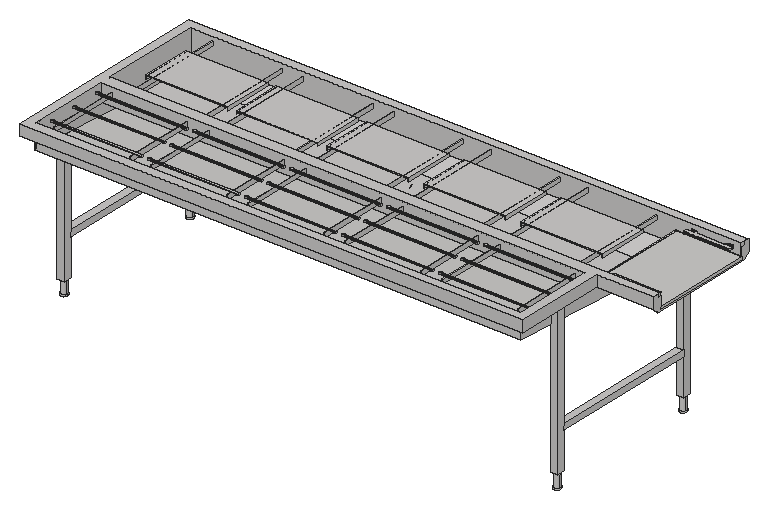
Revit family "QF_ELECTROLUXPROFESSIONAL_865463_HSDDS5LR", category Specialty Equipment, Revit 2018
Family settings
  Round Connector Dimension = Use Diameter
  Part Type = Normal
  Work Plane-Based = No
  Always vertical = Yes
  Cut with Voids When Loaded = No
  Shared = No
  Room Calculation Point = No
Parameters
  Weight = 0.00 kg
  Watts = 0 W
  Volts = 0 V
  URL Manufacturer = ""
  Steam Supply Size = 0 mm
  Steam Supply Minimum Pressure = 0.0 Pa
  Steam Supply Maximum Pressure = 0.0 Pa
  Steam Pounds per Hour = 0
  Refrigeration Suction Line Size = 0 mm
  Refrigeration Liquid Line Size = 0 mm
  Refrigerant Compressor Remote = yes
  Phase = 0
  Length Actual = 0 mm
  Item Number = ""
  Hot Water Size = 0 mm
  Height Actual = 0 mm
  HP = ""
  Gas Size = 0 mm
  Gas KW = 0
  Gas Input Pressure = 0 W
  Depth Actual = 0 mm
  Cycle = 0 Hz
  Condensate Return Size = 0 mm
  Compressed Air Volume = 0.0 L/s
  Compressed Air Size = 0 mm
  Compressed Air Pressure = 0.0 Pa
  Cold Water Size = 0 mm
  Accessory = yes
Reference planes
  plane 1: z = 0
  plane 2 "R": x = 1320
  plane 3: z = 910
  plane 4: z = 0
  plane 5: z = 300
  plane 6 "BACK": y = 310
  plane 7 "FRONT": y = -800
  plane 8 "LEFT": x = -1320
  plane 9: x = 0
  plane 10: y = -310
  plane 11 "RIGHT": x = 1620
Forms (mm)
  Extrusion 1, solid, material "QF_Finishes_Stainless Steel"
    sketch origin (0, 0, 0) x (-1, 0, 0) y (0, -1, 0)
      loop
        line (1320, 800) -> (-1320, 800) -> (-1320, 310) -> (-1617.022, 310) -> (-1617.022, 265) -> (-1275, 265) -> (-1275, 755) -> (1275, 755) -> (1275, -265) -> (-1617.022, -265) -> (-1617.022, -310) -> (1320, -310) -> (1320, 800)
    from 850.091 to 910
  Extrusion 2, solid, material "QF_Finishes_Stainless Steel"
    sketch origin (0, 0, 0) x (0, 1, 0) y (0, 0, -1)
      loop
        line (-756.248, -850.091) -> (-755, -850.091) -> (-755, -784.848) -> (-131.111, -741.138) -> (130.374, -741.138) -> (265, -784.879) -> (265, -850.091) -> (266.249, -850.091) -> (266.249, -782.13) -> (130.849, -738.138) -> (-131.216, -738.138) -> (-756.248, -781.928) -> (-756.248, -850.091)
    from -1275 to 1275
  Revolve 3, solid, material "QF_Finishes_Stainless Steel"
    sketch origin (0, 0.526, -123.199) x (-1, 0, 0) y (0, 0, -1)
      loop
        line (76.494, -861.337) -> (76.494, -847.59)
        arc (76.494, -847.59) -> (75.89, -845.987) -> (74.39, -845.16) r 2.474
        arc (74.39, -845.16) -> (71.083, -841.301) -> (74.377, -837.43) r 3.913
        arc (74.377, -837.43) -> (75.887, -836.598) -> (76.494, -834.985) r 2.49
        line (76.494, -834.985) -> (76.494, -794.661)
        arc (76.494, -794.661) -> (65.844, -763.962) -> (38.457, -746.476) r 49.516
        line (38.457, -746.476) -> (38.457, -743.987) -> (37.25, -742.336) -> (37.25, -740.749) -> (23.47, -734.749) -> (23.47, -698.838) -> (21.946, -697.377) -> (0, -697.377) -> (0, -861.337) -> (76.494, -861.337)
      axis (0, -861.337) -> (0, -697.377)
    angle from 0 to 360
  Extrusion 4, solid, material "QF_Finishes_Stainless Steel"
    sketch origin (0, 0, 0) x (-1, 0, 0) y (0, -1, 0)
      loop
        line (-1275, 330.124) -> (-1275, 265) -> (1275, 265) -> (1275, 330.124) -> (-1275, 330.124)
    from 820 to 910
  Extrusion 5, solid, material "QF_Finishes_Stainless Steel"
    sketch origin (6.015, 0, -602.691) x (-1, 0, 0) y (0, -1, 0)
      loop
        line (1283.015, -266.249) -> (1323.015, -266.249) -> (1323.015, 521.738) -> (1283.015, 521.738) -> (1283.015, -266.249)
    from 872.691 to 902.691
  Extrusion 6, solid, material "QF_Finishes_Stainless Steel"
    sketch origin (-1277, 0, 0) x (0, 1, 0) y (0, 0, -1)
      loop
        line (-756.248, -781.928) -> (-756.248, -850.091) -> (266.249, -850.091) -> (266.249, -782.13) -> (130.849, -738.138) -> (-131.216, -738.138) -> (-756.248, -781.928)
    from 0 to -2
  Extrusion 7, solid, material "QF_Finishes_Stainless Steel"
    sketch origin (-6, 0.054, -598.981) x (1, 0, 0) y (0, 1, 0)
      loop
        line (1283, 266.195) -> (1283, -521.792) -> (1323, -521.792) -> (1323, 266.195) -> (1283, 266.195)
    from 869.081 to 898.981
  Extrusion 8, solid, material "QF_Finishes_Stainless Steel"
    sketch origin (0, -7.263, 2.863) x (-1, 0, 0) y (0, -1, 0)
      loop
        line (-200.029, 694.438) -> (-200.029, 322.861) -> (-196.981, 322.861) -> (-196.981, 694.438) -> (-200.029, 694.438)
      loop
        line (196.981, 694.438) -> (196.981, 322.861) -> (200.029, 322.861) -> (200.029, 694.438) -> (196.981, 694.438)
      loop
        line (1220.049, 694.438) -> (1217.001, 694.438) -> (1217.001, 322.861) -> (1220.049, 322.861) -> (1220.049, 694.438)
      loop
        line (823.039, 694.438) -> (819.991, 694.438) -> (819.991, 322.861) -> (823.039, 322.861) -> (823.039, 694.438)
      loop
        line (710.007, 694.438) -> (707.023, 694.438) -> (707.023, 322.861) -> (710.007, 322.861) -> (710.007, 694.438)
      loop
        line (312.997, 694.438) -> (310.013, 694.438) -> (310.013, 322.861) -> (312.997, 322.861) -> (312.997, 694.438)
      loop
        line (-710.071, 694.438) -> (-710.071, 322.861) -> (-707.023, 322.861) -> (-707.023, 694.438) -> (-710.071, 694.438)
      loop
        line (-313.061, 694.438) -> (-313.061, 322.861) -> (-310.013, 322.861) -> (-310.013, 694.438) -> (-313.061, 694.438)
      loop
        line (-1220.112, 694.438) -> (-1220.112, 322.861) -> (-1217.064, 322.861) -> (-1217.064, 694.438) -> (-1220.112, 694.438)
      loop
        line (-823.103, 694.438) -> (-823.103, 322.861) -> (-820.055, 322.861) -> (-820.055, 694.438) -> (-823.103, 694.438)
    from 860 to 881.896
  Extrusion 9, solid, material "QF_Finishes_Stainless Steel"
    sketch origin (-2327.512, 265, 0) x (0, 1, 0) y (0, 0, 1)
      loop
        circle (-937.158, 888.745) r 3.985
      loop
        circle (-788.819, 888.745) r 3.985
      loop
        circle (-640.48, 888.745) r 3.985
    from 1067.5 to 1547.5
  Extrusion 10, solid, material "QF_Finishes_Stainless Steel"
    sketch origin (-1817.533, 265, 0) x (0, 1, 0) y (0, 0, 1)
      loop
        circle (-937.158, 888.745) r 3.985
      loop
        circle (-788.819, 888.745) r 3.985
      loop
        circle (-640.48, 888.745) r 3.985
    from 1067.5 to 1547.5
  Extrusion 11, solid, material "QF_Finishes_Stainless Steel"
    sketch origin (-1307.491, 265, 0) x (0, 1, 0) y (0, 0, 1)
      loop
        circle (-937.158, 888.745) r 3.985
      loop
        circle (-788.819, 888.745) r 3.985
      loop
        circle (-640.48, 888.745) r 3.985
    from 1067.5 to 1547.5
  Extrusion 12, solid, material "QF_Finishes_Stainless Steel"
    sketch origin (-275, -2290.751, 0) x (0, 1, 0) y (0, 0, 1)
      loop
        line (2597.773, 875) -> (2557, 875) -> (2557, 872) -> (2597.773, 872) -> (2597.773, 875)
    from 0 to 530
  Extrusion 13, solid, material "QF_Finishes_Stainless Steel"
    sketch origin (0, 0, 0) x (1, 0, 0) y (0, 0, 1)
      loop
        line (-1159.991, 862.863) -> (-1159.991, 884.759) -> (-1163.039, 884.759) -> (-1163.039, 862.863) -> (-1159.991, 862.863)
      loop
        line (-794.991, 862.863) -> (-794.991, 884.759) -> (-798.039, 884.759) -> (-798.039, 862.863) -> (-794.991, 862.863)
      loop
        line (-684.991, 862.863) -> (-684.991, 884.759) -> (-688.039, 884.759) -> (-688.039, 862.863) -> (-684.991, 862.863)
      loop
        line (-319.991, 862.863) -> (-319.991, 884.759) -> (-323.039, 884.759) -> (-323.039, 862.863) -> (-319.991, 862.863)
      loop
        line (-209.991, 862.863) -> (-209.991, 884.759) -> (-213.039, 884.759) -> (-213.039, 862.863) -> (-209.991, 862.863)
      loop
        line (155.009, 862.863) -> (155.009, 884.759) -> (151.961, 884.759) -> (151.961, 862.863) -> (155.009, 862.863)
      loop
        line (300.048, 862.863) -> (300.048, 884.759) -> (297, 884.759) -> (297, 862.863) -> (300.048, 862.863)
      loop
        line (665.048, 862.863) -> (665.048, 884.759) -> (662, 884.759) -> (662, 862.863) -> (665.048, 862.863)
      loop
        line (810.048, 862.863) -> (810.048, 884.759) -> (807, 884.759) -> (807, 862.863) -> (810.048, 862.863)
      loop
        line (1175.048, 862.863) -> (1175.048, 884.759) -> (1172, 884.759) -> (1172, 862.863) -> (1175.048, 862.863)
    from -265 to 265
  Extrusion 14, solid, material "QF_Finishes_Stainless Steel"
    sketch origin (2.5, 0, 0) x (1, 0, 0) y (0, 0, 1)
      loop
        line (-769.039, 884.759) -> (-769.039, 871.646) -> (-766.039, 871.646) -> (-766.039, 887.746) -> (-1196.039, 887.746) -> (-1196.039, 871.646) -> (-1193.039, 871.646) -> (-1193.039, 884.759) -> (-769.039, 884.759)
    from -130.374 to 131.111
  Extrusion 15, solid, material "QF_Finishes_Stainless Steel"
    sketch origin (477.5, 0, 0) x (1, 0, 0) y (0, 0, 1)
      loop
        line (-769.039, 884.759) -> (-769.039, 871.646) -> (-766.039, 871.646) -> (-766.039, 887.746) -> (-1196.039, 887.746) -> (-1196.039, 871.646) -> (-1193.039, 871.646) -> (-1193.039, 884.759) -> (-769.039, 884.759)
    from -130.374 to 131.111
  Extrusion 16, solid, material "QF_Finishes_Stainless Steel"
    sketch origin (952.5, 0, 0) x (1, 0, 0) y (0, 0, 1)
      loop
        line (-769.039, 884.759) -> (-769.039, 871.646) -> (-766.039, 871.646) -> (-766.039, 887.746) -> (-1196.039, 887.746) -> (-1196.039, 871.646) -> (-1193.039, 871.646) -> (-1193.039, 884.759) -> (-769.039, 884.759)
    from -130.374 to 131.111
  Extrusion 17, solid, material "QF_Finishes_Stainless Steel"
    sketch origin (-797.45, 265, 0) x (0, 1, 0) y (0, 0, 1)
      loop
        circle (-937.158, 888.745) r 3.985
      loop
        circle (-788.819, 888.745) r 3.985
      loop
        circle (-640.48, 888.745) r 3.985
    from 1067.5 to 1547.5
  Extrusion 18, solid, material "QF_Finishes_Stainless Steel"
    sketch origin (1462.542, 0, 0) x (1, 0, 0) y (0, 0, 1)
      loop
        line (-769.039, 884.759) -> (-769.039, 871.646) -> (-766.039, 871.646) -> (-766.039, 887.746) -> (-1196.039, 887.746) -> (-1196.039, 871.646) -> (-1193.039, 871.646) -> (-1193.039, 884.759) -> (-769.039, 884.759)
    from -130.374 to 131.111
  Extrusion 19, solid, material "QF_Finishes_Stainless Steel"
    sketch origin (1277, 0, 0) x (0, 1, 0) y (0, 0, 1)
      loop
        line (-756.248, 850.091) -> (-756.248, 781.928) -> (-131.216, 738.138) -> (130.849, 738.138) -> (266.249, 782.13) -> (266.249, 850.091) -> (-756.248, 850.091)
    from 0 to -2
  Extrusion 20, solid, material "QF_Finishes_Stainless Steel"
    sketch origin (2067.022, 52.5, 35) x (0, 1, 0) y (0, 0, 1)
      loop
        line (-362.5, 815.091) -> (-334.909, 787.5) -> (229.909, 787.5) -> (257.5, 815.091) -> (257.5, 875) -> (235, 875) -> (235, 860) -> (212.5, 860) -> (212.5, 808.439) -> (-317.5, 808.439) -> (-317.5, 860) -> (-340, 860) -> (-340, 875) -> (-362.5, 875) -> (-362.5, 815.091)
    from -450 to -447.022
  Extrusion 21, solid, material "QF_Finishes_Stainless Steel"
    sketch origin (1020, 0, 0) x (1, 0, 0) y (0, 0, 1)
      loop
        line (597.022, 843.439) -> (600, 843.439) -> (600, 833.439) -> (602.5, 833.439) -> (602.5, 846.169) -> (257, 850.068) -> (257, 847.567) -> (597.022, 843.439)
    from -266.249 to 265
  Extrusion 22, solid, material "QF_Finishes_Stainless Steel"
    sketch origin (1020, 0, 0) x (1, 0, 0) y (0, 1, 0)
      loop
        arc (330.912, 247.069) -> (327.376, 245.605) -> (325.912, 242.069) r 5
        line (325.912, 242.069) -> (325.912, 232.503)
        arc (325.912, 232.503) -> (327.376, 228.968) -> (330.912, 227.503) r 5
        line (330.912, 227.503) -> (565, 227.503)
        arc (565, 227.503) -> (568.536, 228.968) -> (570, 232.503) r 5
        line (570, 232.503) -> (570, 242.069)
        arc (570, 242.069) -> (568.536, 245.605) -> (565, 247.069) r 5
        line (565, 247.069) -> (520, 247.069) -> (535.477, 262.546) -> (555.477, 262.546) -> (555.477, 265) -> (534.395, 265) -> (516.464, 247.069) -> (379.448, 247.069) -> (361.517, 265) -> (340.435, 265) -> (340.435, 262.546) -> (360.435, 262.546) -> (375.912, 247.069) -> (330.912, 247.069)
    from 884.759 to 887.746
  Extrusion 23, solid, material "QF_Finishes_Stainless Steel"
    sketch origin (1020, 0, 0) x (1, 0, 0) y (0, 1, 0)
      loop
        line (330.912, -247.069) -> (375.912, -247.069) -> (360.435, -262.546) -> (340.435, -262.546) -> (340.435, -265) -> (361.517, -265) -> (379.448, -247.069) -> (516.464, -247.069) -> (534.395, -265) -> (555.477, -265) -> (555.477, -262.546) -> (535.477, -262.546) -> (520, -247.069) -> (565, -247.069)
        arc (565, -247.069) -> (568.536, -245.605) -> (570, -242.069) r 5
        line (570, -242.069) -> (570, -232.503)
        arc (570, -232.503) -> (568.536, -228.968) -> (565, -227.503) r 5
        line (565, -227.503) -> (330.912, -227.503)
        arc (330.912, -227.503) -> (327.376, -228.968) -> (325.912, -232.503) r 5
        line (325.912, -232.503) -> (325.912, -242.069)
        arc (325.912, -242.069) -> (327.376, -245.605) -> (330.912, -247.069) r 5
    from 884.759 to 887.746
  Extrusion 24, solid, material "QF_Finishes_Stainless Steel"
    sketch origin (-287.408, 265, 0) x (0, 1, 0) y (0, 0, 1)
      loop
        circle (-937.158, 888.745) r 3.985
      loop
        circle (-788.819, 888.745) r 3.985
      loop
        circle (-640.48, 888.745) r 3.985
    from 1067.5 to 1547.5
  Extrusion 25, solid, material "QF_Finishes_Stainless Steel"
    sketch origin (1972.584, 0, 0) x (1, 0, 0) y (0, 0, 1)
      loop
        line (-769.039, 884.759) -> (-769.039, 871.646) -> (-766.039, 871.646) -> (-766.039, 887.746) -> (-1196.039, 887.746) -> (-1196.039, 871.646) -> (-1193.039, 871.646) -> (-1193.039, 884.759) -> (-769.039, 884.759)
    from -130.374 to 131.111
Cuts and joins
  joined: Extrusion 1, Extrusion 2, Revolve 3, Extrusion 4, Extrusion 6, Extrusion 8, Extrusion 9, Extrusion 10, Extrusion 11, Extrusion 12
Lines and regions (mm)
  Split face 1
    outline origin (123.685, -0.079, 741.138) x (-1, 0, 0) y (0, -1, 0)
      loop
        circle (123.685, -0.035) r 73.783
  Split face 2
    outline origin (123.685, -0.079, 741.138) x (-1, 0, 0) y (0, -1, 0)
      loop
        circle (123.685, -0.035) r 66.01
  Split face 3
    outline origin (123.685, -0.079, 741.138) x (-1, 0, 0) y (0, -1, 0)
      loop
        circle (123.685, -0.035) r 53.774
  Split face 4
    outline origin (123.685, -0.079, 741.138) x (-1, 0, 0) y (0, -1, 0)
      loop
        circle (123.685, -0.035) r 50.771
  Split face 5
    outline origin (123.685, -0.079, 741.138) x (-1, 0, 0) y (0, -1, 0)
      loop
        circle (123.685, -0.035) r 33.793
  Split face 6
    outline origin (123.685, -0.079, 741.138) x (-1, 0, 0) y (0, -1, 0)
      loop
        circle (123.685, -0.035) r 30.826
  Split face 7
    outline origin (123.685, -0.079, 741.138) x (-1, 0, 0) y (0, -1, 0)
      loop
        circle (123.685, -0.035) r 13.843
  Split face 8
    outline origin (123.685, -0.079, 741.138) x (-1, 0, 0) y (0, -1, 0)
      loop
        circle (123.685, -0.035) r 10.833
  symbolic lines
    curve 1: line (-1320, 310, 0) -> (1620, 310, 0)
    curve 2: line (-1320, -800, 0) -> (-1320, 310, 0)
    curve 3: line (1320, -800, 0) -> (-1320, -800, 0)
    curve 4: line (1320, -310, 0) -> (1320, -800, 0)
    curve 5: line (-1275, 265, 0) -> (1620, 265, 0)
    curve 6: line (-1275, -755, 0) -> (-1275, 265, 0)
    curve 7: line (1275, -755, 0) -> (-1275, -755, 0)
    curve 8: line (-1275, -265, 0) -> (1620, -265, 0)
    curve 9: line (1275, -330.124, 0) -> (-1275, -330.124, 0)
    curve 10: line (-1260.012, -371.495, 0) -> (-1260.012, -379.465, 0)
    curve 11: line (-1260.012, -379.465, 0) -> (-780.012, -379.465, 0)
    curve 12: line (-780.012, -379.465, 0) -> (-780.012, -371.495, 0)
    curve 13: line (-780.012, -371.495, 0) -> (-1260.012, -371.495, 0)
    curve 14: line (-1260.012, -519.834, 0) -> (-1260.012, -527.804, 0)
    curve 15: line (-1260.012, -527.804, 0) -> (-780.012, -527.804, 0)
    curve 16: line (-780.012, -527.804, 0) -> (-780.012, -519.834, 0)
    curve 17: line (-780.012, -519.834, 0) -> (-1260.012, -519.834, 0)
    curve 18: line (-1260.012, -668.173, 0) -> (-1260.012, -676.143, 0)
    curve 19: line (-1260.012, -676.143, 0) -> (-780.012, -676.143, 0)
    curve 20: line (-780.012, -676.143, 0) -> (-780.012, -668.173, 0)
    curve 21: line (-780.012, -668.173, 0) -> (-1260.012, -668.173, 0)
    curve 22: line (-1220.049, -330.124, 0) -> (-1220.049, -371.495, 0)
    curve 23: line (-1217.001, -330.124, 0) -> (-1217.001, -371.495, 0)
    curve 24: line (-1220.049, -379.465, 0) -> (-1220.049, -519.834, 0)
    curve 25: line (-1220.049, -701.7, 0) -> (-1220.049, -676.143, 0)
    curve 26: line (-1220.049, -701.7, 0) -> (-1217.001, -701.7, 0)
    curve 27: line (-1217.001, -701.7, 0) -> (-1217.001, -676.143, 0)
    curve 28: line (-1220.049, -668.173, 0) -> (-1220.049, -527.804, 0)
    curve 29: line (-1217.001, -527.804, 0) -> (-1217.001, -668.173, 0)
    curve 30: line (-1217.001, -519.834, 0) -> (-1217.001, -379.465, 0)
    curve 31: line (-823.039, -330.124, 0) -> (-823.039, -371.495, 0)
    curve 32: line (-819.992, -330.124, 0) -> (-819.992, -371.495, 0)
    curve 33: line (-823.039, -379.465, 0) -> (-823.039, -519.834, 0)
    curve 34: line (-823.039, -701.7, 0) -> (-823.039, -676.143, 0)
    curve 35: line (-823.039, -701.7, 0) -> (-819.992, -701.7, 0)
    curve 36: line (-819.992, -701.7, 0) -> (-819.992, -676.143, 0)
    curve 37: line (-823.039, -668.173, 0) -> (-823.039, -527.804, 0)
    curve 38: line (-819.992, -527.804, 0) -> (-819.992, -668.173, 0)
    curve 39: line (-819.992, -519.834, 0) -> (-819.992, -379.465, 0)
    curve 40: line (-750.033, -371.495, 0) -> (-750.033, -379.465, 0)
    curve 41: line (-750.033, -379.465, 0) -> (-270.033, -379.465, 0)
    curve 42: line (-270.033, -379.465, 0) -> (-270.033, -371.495, 0)
    curve 43: line (-270.033, -371.495, 0) -> (-750.033, -371.495, 0)
    curve 44: line (-750.033, -519.834, 0) -> (-750.033, -527.804, 0)
    curve 45: line (-750.033, -527.804, 0) -> (-270.033, -527.804, 0)
    curve 46: line (-270.033, -527.804, 0) -> (-270.033, -519.834, 0)
    curve 47: line (-270.033, -519.834, 0) -> (-750.033, -519.834, 0)
    curve 48: line (-750.033, -668.173, 0) -> (-750.033, -676.143, 0)
    curve 49: line (-750.033, -676.143, 0) -> (-270.033, -676.143, 0)
    curve 50: line (-270.033, -676.143, 0) -> (-270.033, -668.173, 0)
    curve 51: line (-270.033, -668.173, 0) -> (-750.033, -668.173, 0)
    curve 52: line (-710.071, -330.124, 0) -> (-710.071, -371.495, 0)
    curve 53: line (-707.023, -330.124, 0) -> (-707.023, -371.495, 0)
    curve 54: line (-710.071, -379.465, 0) -> (-710.071, -519.834, 0)
    curve 55: line (-710.071, -701.7, 0) -> (-710.071, -676.143, 0)
    curve 56: line (-710.071, -701.7, 0) -> (-707.023, -701.7, 0)
    curve 57: line (-707.023, -701.7, 0) -> (-707.023, -676.143, 0)
    curve 58: line (-710.071, -668.173, 0) -> (-710.071, -527.804, 0)
    curve 59: line (-707.023, -527.804, 0) -> (-707.023, -668.173, 0)
    curve 60: line (-707.023, -519.834, 0) -> (-707.023, -379.465, 0)
    curve 61: line (-313.061, -330.124, 0) -> (-313.061, -371.495, 0)
    curve 62: line (-310.013, -330.124, 0) -> (-310.013, -371.495, 0)
    curve 63: line (-313.061, -379.465, 0) -> (-313.061, -519.834, 0)
    curve 64: line (-313.061, -701.7, 0) -> (-313.061, -676.143, 0)
    curve 65: line (-313.061, -701.7, 0) -> (-310.013, -701.7, 0)
    curve 66: line (-310.013, -701.7, 0) -> (-310.013, -676.143, 0)
    curve 67: line (-313.061, -668.173, 0) -> (-313.061, -527.804, 0)
    curve 68: line (-310.013, -527.804, 0) -> (-310.013, -668.173, 0)
    curve 69: line (-310.013, -519.834, 0) -> (-310.013, -379.465, 0)
    curve 70: line (-239.991, -371.495, 0) -> (-239.991, -379.465, 0)
    curve 71: line (-239.991, -379.465, 0) -> (240.009, -379.465, 0)
    curve 72: line (240.009, -379.465, 0) -> (240.009, -371.495, 0)
    curve 73: line (240.009, -371.495, 0) -> (-239.991, -371.495, 0)
    curve 74: line (-239.991, -519.834, 0) -> (-239.991, -527.804, 0)
    curve 75: line (-239.991, -527.804, 0) -> (240.009, -527.804, 0)
    curve 76: line (240.009, -527.804, 0) -> (240.009, -519.834, 0)
    curve 77: line (240.009, -519.834, 0) -> (-239.991, -519.834, 0)
    curve 78: line (-239.991, -668.173, 0) -> (-239.991, -676.143, 0)
    curve 79: line (-239.991, -676.143, 0) -> (240.009, -676.143, 0)
    curve 80: line (240.009, -676.143, 0) -> (240.009, -668.173, 0)
    curve 81: line (240.009, -668.173, 0) -> (-239.991, -668.173, 0)
    curve 82: line (-200.029, -330.124, 0) -> (-200.029, -371.495, 0)
    curve 83: line (-196.981, -330.124, 0) -> (-196.981, -371.495, 0)
    curve 84: line (-200.029, -379.465, 0) -> (-200.029, -519.834, 0)
    curve 85: line (-200.029, -701.7, 0) -> (-200.029, -676.143, 0)
    curve 86: line (-200.029, -701.7, 0) -> (-196.981, -701.7, 0)
    curve 87: line (-196.981, -701.7, 0) -> (-196.981, -676.143, 0)
    curve 88: line (-200.029, -668.173, 0) -> (-200.029, -527.804, 0)
    curve 89: line (-196.981, -527.804, 0) -> (-196.981, -668.173, 0)
    curve 90: line (-196.981, -519.834, 0) -> (-196.981, -379.465, 0)
    curve 91: line (196.981, -330.124, 0) -> (196.981, -371.495, 0)
    curve 92: line (200.029, -330.124, 0) -> (200.029, -371.495, 0)
    curve 93: line (196.981, -379.465, 0) -> (196.981, -519.834, 0)
    curve 94: line (196.981, -701.7, 0) -> (196.981, -676.143, 0)
    curve 95: line (196.981, -701.7, 0) -> (200.029, -701.7, 0)
    curve 96: line (200.029, -701.7, 0) -> (200.029, -676.143, 0)
    curve 97: line (196.981, -668.173, 0) -> (196.981, -527.804, 0)
    curve 98: line (200.029, -527.804, 0) -> (200.029, -668.173, 0)
    curve 99: line (200.029, -519.834, 0) -> (200.029, -379.465, 0)
    curve 100: line (1275, -755, 0) -> (1275, -330.124, 0)
    curve 101: arc (-76.496, 0.526, 0) -> (0, 77.021, 0) -> (76.496, 0.526, 0) r 76.496
    curve 102: arc (76.496, 0.526, 0) -> (0, -75.97, 0) -> (-76.496, 0.526, 0) r 76.496
    curve 103: arc (21.946, 0.526, 0) -> (0, 22.472, 0) -> (-21.946, 0.526, 0) r 21.946
    curve 104: arc (-21.946, 0.526, 0) -> (0, -21.421, 0) -> (21.946, 0.526, 0) r 21.946
    curve 105: line (1320, -310, 0) -> (1620, -310, 0)
    curve 106: line (1620, -310, 0) -> (1620, 310, 0)
    curve 107: line (1620, 0, 0) -> (1590, 0, 0)
    curve 108: line (-1193.539, 130.374, 0) -> (-763.539, 130.374, 0)
    curve 109: line (-1193.539, -131.111, 0) -> (-1193.539, 130.374, 0)
    curve 110: line (-763.539, -131.111, 0) -> (-1193.539, -131.111, 0)
    curve 111: line (-763.539, 130.374, 0) -> (-763.539, -131.111, 0)
    curve 112: line (-718.539, 130.374, 0) -> (-288.539, 130.374, 0)
    curve 113: line (-718.539, -131.111, 0) -> (-718.539, 130.374, 0)
    curve 114: line (-288.539, -131.111, 0) -> (-718.539, -131.111, 0)
    curve 115: line (-288.539, 130.374, 0) -> (-288.539, -131.111, 0)
    curve 116: line (-243.539, -131.111, 0) -> (186.461, -131.111, 0)
    curve 117: line (-243.539, 130.374, 0) -> (-243.539, -131.111, 0)
    curve 118: line (186.461, 130.374, 0) -> (-243.539, 130.374, 0)
    curve 119: line (186.461, -131.111, 0) -> (186.461, 130.374, 0)
    curve 120: line (-1163.039, 265, 0) -> (-1163.039, 130.374, 0)
    curve 121: line (-1159.991, 130.374, 0) -> (-1159.991, 265, 0)
    curve 122: line (-1163.039, -265, 0) -> (-1163.039, -131.111, 0)
    curve 123: line (-1159.991, -131.111, 0) -> (-1159.991, -265, 0)
    curve 124: line (-798.039, 265, 0) -> (-798.039, 130.374, 0)
    curve 125: line (-794.991, 130.374, 0) -> (-794.991, 265, 0)
    curve 126: line (-798.039, -265, 0) -> (-798.039, -131.111, 0)
    curve 127: line (-794.991, -131.111, 0) -> (-794.991, -265, 0)
    curve 128: line (-688.039, 265, 0) -> (-688.039, 130.374, 0)
    curve 129: line (-684.991, 130.374, 0) -> (-684.991, 265, 0)
    curve 130: line (-688.039, -265, 0) -> (-688.039, -131.111, 0)
    curve 131: line (-684.991, -131.111, 0) -> (-684.991, -265, 0)
    curve 132: line (-323.039, 265, 0) -> (-323.039, 130.374, 0)
    curve 133: line (-319.991, 130.374, 0) -> (-319.991, 265, 0)
    curve 134: line (-323.039, -265, 0) -> (-323.039, -131.111, 0)
    curve 135: line (-319.991, -131.111, 0) -> (-319.991, -265, 0)
    curve 136: line (-213.039, 265, 0) -> (-213.039, 130.374, 0)
    curve 137: line (-209.991, 130.374, 0) -> (-209.991, 265, 0)
    curve 138: line (-213.039, -265, 0) -> (-213.039, -131.111, 0)
    curve 139: line (-209.991, -131.111, 0) -> (-209.991, -265, 0)
    curve 140: line (151.961, 265, 0) -> (151.961, 130.374, 0)
    curve 141: line (155.009, 130.374, 0) -> (155.009, 265, 0)
    curve 142: line (151.961, -265, 0) -> (151.961, -131.111, 0)
    curve 143: line (155.009, -131.111, 0) -> (155.009, -265, 0)
    curve 144: line (1317, -265, 0) -> (1317, 265, 0)
    curve 145: line (270.05, -371.495, 0) -> (270.05, -379.465, 0)
    curve 146: line (270.05, -379.465, 0) -> (750.05, -379.465, 0)
    curve 147: line (750.05, -379.465, 0) -> (750.05, -371.495, 0)
    curve 148: line (750.05, -371.495, 0) -> (270.05, -371.495, 0)
    curve 149: line (270.05, -519.834, 0) -> (270.05, -527.804, 0)
    curve 150: line (270.05, -527.804, 0) -> (750.05, -527.804, 0)
    curve 151: line (750.05, -527.804, 0) -> (750.05, -519.834, 0)
    curve 152: line (750.05, -519.834, 0) -> (270.05, -519.834, 0)
    curve 153: line (270.05, -668.173, 0) -> (270.05, -676.143, 0)
    curve 154: line (270.05, -676.143, 0) -> (750.05, -676.143, 0)
    curve 155: line (750.05, -676.143, 0) -> (750.05, -668.173, 0)
    curve 156: line (750.05, -668.173, 0) -> (270.05, -668.173, 0)
    curve 157: line (310.013, -330.124, 0) -> (310.013, -371.495, 0)
    curve 158: line (313.061, -330.124, 0) -> (313.061, -371.495, 0)
    curve 159: line (310.013, -379.465, 0) -> (310.013, -519.834, 0)
    curve 160: line (310.013, -701.7, 0) -> (310.013, -676.143, 0)
    curve 161: line (310.013, -701.7, 0) -> (313.061, -701.7, 0)
    curve 162: line (313.061, -701.7, 0) -> (313.061, -676.143, 0)
    curve 163: line (310.013, -668.173, 0) -> (310.013, -527.804, 0)
    curve 164: line (313.061, -527.804, 0) -> (313.061, -668.173, 0)
    curve 165: line (313.061, -519.834, 0) -> (313.061, -379.465, 0)
    curve 166: line (707.023, -330.124, 0) -> (707.023, -371.495, 0)
    curve 167: line (710.07, -330.124, 0) -> (710.07, -371.495, 0)
    curve 168: line (707.023, -379.465, 0) -> (707.023, -519.834, 0)
    curve 169: line (707.023, -701.7, 0) -> (707.023, -676.143, 0)
    curve 170: line (707.023, -701.7, 0) -> (710.07, -701.7, 0)
    curve 171: line (710.07, -701.7, 0) -> (710.07, -676.143, 0)
    curve 172: line (707.023, -668.173, 0) -> (707.023, -527.804, 0)
    curve 173: line (710.07, -527.804, 0) -> (710.07, -668.173, 0)
    curve 174: line (710.07, -519.834, 0) -> (710.07, -379.465, 0)
    curve 175: line (266.502, -131.111, 0) -> (696.502, -131.111, 0)
    curve 176: line (266.502, 130.374, 0) -> (266.502, -131.111, 0)
    curve 177: line (696.502, 130.374, 0) -> (266.502, 130.374, 0)
    curve 178: line (696.502, -131.111, 0) -> (696.502, 130.374, 0)
    curve 179: line (297.002, 265, 0) -> (297.002, 130.374, 0)
    curve 180: line (300.05, 130.374, 0) -> (300.05, 265, 0)
    curve 181: line (297.002, -265, 0) -> (297.002, -131.111, 0)
    curve 182: line (300.05, -131.111, 0) -> (300.05, -265, 0)
    curve 183: line (662.002, 265, 0) -> (662.002, 130.374, 0)
    curve 184: line (665.05, 130.374, 0) -> (665.05, 265, 0)
    curve 185: line (662.002, -265, 0) -> (662.002, -131.111, 0)
    curve 186: line (665.05, -131.111, 0) -> (665.05, -265, 0)
    curve 187: line (1350.912, 227.503, 0) -> (1585, 227.503, 0)
    curve 188: arc (1585, 227.503, 0) -> (1588.536, 228.968, 0) -> (1590, 232.503, 0) r 5
    curve 189: line (1590, 232.503, 0) -> (1590, 242.069, 0)
    curve 190: arc (1590, 242.069, 0) -> (1588.536, 245.605, 0) -> (1585, 247.069, 0) r 5
    curve 191: line (1585, 247.069, 0) -> (1540, 247.069, 0)
    curve 192: line (1540, 247.069, 0) -> (1555.477, 262.546, 0)
    curve 193: line (1555.477, 262.546, 0) -> (1575.477, 262.546, 0)
    curve 194: line (1575.477, 262.546, 0) -> (1575.477, 265, 0)
    curve 195: line (1554.395, 265, 0) -> (1536.464, 247.069, 0)
    curve 196: line (1536.464, 247.069, 0) -> (1399.448, 247.069, 0)
    curve 197: line (1399.448, 247.069, 0) -> (1381.517, 265, 0)
    curve 198: line (1360.435, 265, 0) -> (1360.435, 262.546, 0)
    curve 199: line (1360.435, 262.546, 0) -> (1380.435, 262.546, 0)
    curve 200: line (1380.435, 262.546, 0) -> (1395.912, 247.069, 0)
    curve 201: line (1395.912, 247.069, 0) -> (1350.912, 247.069, 0)
    curve 202: arc (1350.912, 247.069, 0) -> (1347.376, 245.605, 0) -> (1345.912, 242.069, 0) r 5
    curve 203: line (1345.912, 242.069, 0) -> (1345.912, 232.503, 0)
    curve 204: arc (1345.912, 232.503, 0) -> (1347.376, 228.968, 0) -> (1350.912, 227.503, 0) r 5
    curve 205: line (1350.912, -227.503, 0) -> (1585, -227.503, 0)
    curve 206: arc (1585, -227.503, 0) -> (1588.536, -228.968, 0) -> (1590, -232.503, 0) r 5
    curve 207: line (1590, -232.503, 0) -> (1590, -242.069, 0)
    curve 208: arc (1590, -242.069, 0) -> (1588.536, -245.605, 0) -> (1585, -247.069, 0) r 5
    curve 209: line (1585, -247.069, 0) -> (1540, -247.069, 0)
    curve 210: line (1540, -247.069, 0) -> (1555.477, -262.546, 0)
    curve 211: line (1555.477, -262.546, 0) -> (1575.477, -262.546, 0)
    curve 212: line (1575.477, -262.546, 0) -> (1575.477, -265, 0)
    curve 213: line (1554.395, -265, 0) -> (1536.464, -247.069, 0)
    curve 214: line (1536.464, -247.069, 0) -> (1399.448, -247.069, 0)
    curve 215: line (1399.448, -247.069, 0) -> (1381.517, -265, 0)
    curve 216: line (1360.435, -265, 0) -> (1360.435, -262.546, 0)
    curve 217: line (1360.435, -262.546, 0) -> (1380.435, -262.546, 0)
    curve 218: line (1380.435, -262.546, 0) -> (1395.912, -247.069, 0)
    curve 219: line (1395.912, -247.069, 0) -> (1350.912, -247.069, 0)
    curve 220: arc (1350.912, -247.069, 0) -> (1347.376, -245.605, 0) -> (1345.912, -242.069, 0) r 5
    curve 221: line (1345.912, -242.069, 0) -> (1345.912, -232.503, 0)
    curve 222: arc (1345.912, -232.503, 0) -> (1347.376, -228.968, 0) -> (1350.912, -227.503, 0) r 5
    curve 223: line (780.092, -371.495, 0) -> (780.092, -379.465, 0)
    curve 224: line (780.092, -379.465, 0) -> (1260.092, -379.465, 0)
    curve 225: line (1260.092, -379.465, 0) -> (1260.092, -371.495, 0)
    curve 226: line (1260.092, -371.495, 0) -> (780.092, -371.495, 0)
    curve 227: line (780.092, -519.834, 0) -> (780.092, -527.804, 0)
    curve 228: line (780.092, -527.804, 0) -> (1260.092, -527.804, 0)
    curve 229: line (1260.092, -527.804, 0) -> (1260.092, -519.834, 0)
    curve 230: line (1260.092, -519.834, 0) -> (780.092, -519.834, 0)
    curve 231: line (780.092, -668.173, 0) -> (780.092, -676.143, 0)
    curve 232: line (780.092, -676.143, 0) -> (1260.092, -676.143, 0)
    curve 233: line (1260.092, -676.143, 0) -> (1260.092, -668.173, 0)
    curve 234: line (1260.092, -668.173, 0) -> (780.092, -668.173, 0)
    curve 235: line (820.055, -330.124, 0) -> (820.055, -371.495, 0)
    curve 236: line (823.103, -330.124, 0) -> (823.103, -371.495, 0)
    curve 237: line (820.055, -379.465, 0) -> (820.055, -519.834, 0)
    curve 238: line (820.055, -701.7, 0) -> (820.055, -676.143, 0)
    curve 239: line (820.055, -701.7, 0) -> (823.103, -701.7, 0)
    curve 240: line (823.103, -701.7, 0) -> (823.103, -676.143, 0)
    curve 241: line (820.055, -668.173, 0) -> (820.055, -527.804, 0)
    curve 242: line (823.103, -527.804, 0) -> (823.103, -668.173, 0)
    curve 243: line (823.103, -519.834, 0) -> (823.103, -379.465, 0)
    curve 244: line (1217.064, -330.124, 0) -> (1217.064, -371.495, 0)
    curve 245: line (1220.112, -330.124, 0) -> (1220.112, -371.495, 0)
    curve 246: line (1217.064, -379.465, 0) -> (1217.064, -519.834, 0)
    curve 247: line (1217.064, -701.7, 0) -> (1217.064, -676.143, 0)
    curve 248: line (1217.064, -701.7, 0) -> (1220.112, -701.7, 0)
    curve 249: line (1220.112, -701.7, 0) -> (1220.112, -676.143, 0)
    curve 250: line (1217.064, -668.173, 0) -> (1217.064, -527.804, 0)
    curve 251: line (1220.112, -527.804, 0) -> (1220.112, -668.173, 0)
    curve 252: line (1220.112, -519.834, 0) -> (1220.112, -379.465, 0)
    curve 253: line (776.544, -131.111, 0) -> (1206.544, -131.111, 0)
    curve 254: line (776.544, 130.374, 0) -> (776.544, -131.111, 0)
    curve 255: line (1206.544, 130.374, 0) -> (776.544, 130.374, 0)
    curve 256: line (1206.544, -131.111, 0) -> (1206.544, 130.374, 0)
    curve 257: line (807.044, 265, 0) -> (807.044, 130.374, 0)
    curve 258: line (810.092, 130.374, 0) -> (810.092, 265, 0)
    curve 259: line (807.044, -265, 0) -> (807.044, -131.111, 0)
    curve 260: line (810.092, -131.111, 0) -> (810.092, -265, 0)
    curve 261: line (1172.044, 265, 0) -> (1172.044, 130.374, 0)
    curve 262: line (1175.092, 130.374, 0) -> (1175.092, 265, 0)
    curve 263: line (1172.044, -265, 0) -> (1172.044, -131.111, 0)
    curve 264: line (1175.092, -131.111, 0) -> (1175.092, -265, 0)
Dimensions and locks
  plane 3 to level = 910 mm
  plane 8 "LEFT" to plane 2 "R" = 2640 mm
  plane 6 "BACK" to plane 7 "FRONT" = 1110 mm
  cut or joined group 1 (Extrusion 1, Extrusion 2, Revolve 3, Extrusion 4, Extrusion 6, Extrusion 8, Extrusion 9, Extrusion 10, Extrusion 11, Extrusion 12) to cut or joined group 1 = 1020 mm
  plane 9 to plane 2 "R" = 1320 mm
  plane 6 "BACK" to plane 10 = 620 mm
  plane 8 "LEFT" to plane 11 "RIGHT" = 2940 mm
  locked: plane 2 "R" to plane 11 "RIGHT" at 300
  aligned and locked: level to plane 1
Nested families
  nested 1: "Foot_40x40" at (-1297, -541.738, 0), type "Foot_40x40"
    with A 850.091 mm
  nested 2: "Foot_40x40" at (-1297, 286.249, 0), type "Foot_40x40"
    with A 850.091 mm
  nested 3: "Foot_40x40" at (1297, -541.738, 0) x (-1, 0, 0) z (0, 0, 1), type "Foot_40x40"
    with A 850.091 mm
  nested 4: "Foot_40x40" at (1297, 286.249, 0) x (-1, 0, 0) z (0, 0, 1), type "Foot_40x40"
    with A 850.091 mm
Connectors
  piping at (0, 0.526, 574.178), diameter 30
    settings: on cut or joined group 1, index 1, connector inside diameter 609.6 mm, connector length 0 mm, flow factor 0, pipe flow 0.0 L/s, pressure drop 0.0 Pa, fitting loss kfactor 0, connector angle 0.00°, fixture units 0, engagement length 0 mm, angle of deflection 0.00°, flow configuration 1, flow direction 2, fitting loss method 0, system type 16, joint type 0, gender type 0, connector reference index -1, connector utility 0, adjustable connector no, is connector primary yes, connector description "Drain"
Definition of nested family "Foot_40x40"
  Parameters
    A [instance] = 850 mm
  Reference planes
    plane 1 "Centro (Fronte/Retro)": y = 0
    plane 2: z = 0
    plane 3 "Centro (Sinistra/Destra)": x = 0
    plane 4: z = 850
  Forms (mm)
    Extrusion 1, solid
      sketch origin (0, 0, 0) x (1, 0, 0) y (0, 1, 0)
        loop
          circle (0, 0) r 18
      from 0 to 5
    Extrusion 2, solid
      sketch origin (0, 0, 5) x (1, 0, 0) y (0, 1, 0)
        loop
          circle (0, 0) r 15
      from 0 to 70
    Extrusion 3, solid
      sketch origin (0, 0, 75) x (1, 0, 0) y (0, 1, 0)
        loop
          line (-20, 20) -> (-20, -20) -> (20, -20) -> (20, 20) -> (-20, 20)
      from 0 to 775
  Dimensions and locks
    "A": plane 4 to plane 2
    aligned and locked: level to plane 2
    aligned and locked: plane 4 to Extrusion 3
    aligned and locked: Extrusion 1 to level
  Automatic sketch dimensions
    plane 1 "Centro (Fronte/Retro)" to Extrusion 1 sketch curve = 0 mm
    Extrusion 1 sketch curve to plane 3 "Centro (Sinistra/Destra)" = 0 mm
    Extrusion 3 sketch curve to Extrusion 3 sketch curve = 40 mm  (x2)
    radius of Extrusion 1 sketch curve = 18 mm
    radius of Extrusion 2 sketch curve to Extrusion 1 = 3 mm
